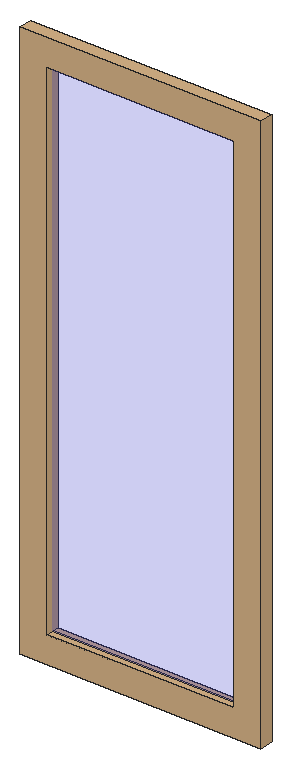
Revit family "0059_M_DR_W_single-glass 1_no trim", category 문, Revit 2026
Family settings
  호스트 = 벽
  항상 수직 = 예
  로드될 때 보이드를 사용하여 절단 = 아니오
  공유 = 아니오
  룸 계산 점 = 아니오
Parameters (values of type "36" x 84"")
  두께 = 0' - 2"
  조합 코드 = "C1020"
  기능 = 내부
  Door Material = Door - Panel
  Frame Material = Door - Frame
  Height = 7' - 0"
  Rail Width - Base = 0' - 4"
  Rail Width - Top = 0' - 4"
  Stile Width - Hinge = 0' - 4"
  Stile Width - Latch = 0' - 4"
  벽 마무리 = 호스트별
  Width = 3' - 0"
Types (8): name | 두께 | 조합 코드 | Height | Rail Width - Base | Rail Width - Top | Stile Width - Hinge | Stile Width - Latch | Width
  36" x 84" | 0' - 2" | "C1020" | 7' - 0" | 0' - 4" | 0' - 4" | 0' - 4" | 0' - 4" | 3' - 0"
  34" x 84" | 0' - 2" | "C1020" | 7' - 0" | 0' - 4" | 0' - 4" | 0' - 4" | 0' - 4" | 2' - 10"
  32" x 84" | 0' - 2" | "C1020" | 7' - 0" | 0' - 4" | 0' - 4" | 0' - 4" | 0' - 4" | 2' - 8"
  30" x 84" | 0' - 2" | "C1020" | 7' - 0" | 0' - 4" | 0' - 4" | 0' - 4" | 0' - 4" | 2' - 6"
  30" x 80" | 0' - 2" | "C1020" | 6' - 8" | 0' - 4" | 0' - 4" | 0' - 4" | 0' - 4" | 2' - 6"
  36" x 80" | 0' - 2" | "C1020" | 6' - 8" | 0' - 4" | 0' - 4" | 0' - 4" | 0' - 4" | 3' - 0"
  34" x 80" | 0' - 2" | "C1020" | 6' - 8" | 0' - 4" | 0' - 4" | 0' - 4" | 0' - 4" | 2' - 10"
  0915 x 2134mm | 0' - 1 31/32" | 0' - 0" | 7' - 0 1/64" | 0' - 3 15/16" | 0' - 3 15/16" | 0' - 3 15/16" | 0' - 3 15/16" | 3' - 0 3/128"
Reference planes (in)
  plane 1: y = 0
  plane 2: z = 0
  plane 3: x = 0
  plane 4: x = -18
  plane 5: x = 18
  plane 6: z = 84
  plane 7: y = 2.125
Forms (in)
  Extrusion 1, solid, material "Door - Panel" <- "Door Material"
    sketch origin (0, 0, 0) x (1, 0, 0) y (0, 0, 1)
      loop
        line (-18, 84) -> (-18, 0) -> (18, 0) -> (18, 84) -> (-18, 84)
      loop
        line (14, 80) -> (-14, 80) -> (-14, 4) -> (14, 4) -> (14, 80)
    from -3 to -1
  Extrusion 2, solid, material "Glass"
    sketch origin (0, 0, 0) x (1, 0, 0) y (0, 0, 1)
      loop
        line (14, 80) -> (-14, 80) -> (-14, 4) -> (14, 4) -> (14, 80)
    from -1.875 to -2.125
Lines and regions (in)
  Opening 1
    outline origin (-60, -3, 144) x (0, 0, -1) y (1, 0, 0)
      loop
        line (60, 42) -> (144, 42) -> (144, 78) -> (60, 78) -> (60, 42)
  symbolic lines, style "DoorsPanelProjection"
    curve 1: line (18, 3, 0) -> (16, 3, 0)
    curve 2: line (18, 3, 0) -> (18, 7, 0)
    curve 3: line (18, 39, 0) -> (16, 39, 0)
    curve 4: line (16, 3, 0) -> (16, 7, 0)
    curve 10: line (16, 35, 0) -> (18, 35, 0)
    curve 11: line (16, 7, 0) -> (18, 7, 0)
    curve 13: line (16, 35, 0) -> (16, 39, 0)
    curve 14: line (18, 35, 0) -> (18, 39, 0)
    curve 15: line (16, 7, 0) -> (16, 35, 0)
    curve 16: line (18, 7, 0) -> (18, 35, 0)
  symbolic lines, style "Plan Swing"
    curve 5: arc (18, 39, 0) -> (-7.45584, 28.45584, 0) -> (-18, 3, 0) r 36
  symbolic lines, style "DoorsGlassProjection"
    curve 6: line (14, 0, 80) -> (14, 0, 4)
    curve 7: line (14, 0, 80) -> (-14, 0, 80)
    curve 8: line (-14, 0, 80) -> (-14, 0, 4)
    curve 9: line (14, 0, 4) -> (-14, 0, 4)
    curve 12: line (17, 35, 0) -> (17, 7, 0)
  symbolic lines, style "Elevation Swing"
    curve 17: line (-18, 0, 0) -> (18, 0, 42)
    curve 18: line (18, 0, 42) -> (-18, 0, 84)
Dimensions and locks (in)
  equal spacing: plane 4, plane 3, plane 5
  "Width": plane 4 to plane 5
  host wall to curve 1 = 0' - 0"
  control icon elem to host wall = 1' - 6"
  control icon elem to plane 5 = 1' - 0"
  "Height": plane 6 to plane 2
  "Stile Width - Latch": plane 4 to curve 8
  "Stile Width - Hinge": curve 6 to plane 5
  "Rail Width - Top": plane 6 to curve 7
  "Rail Width - Base": curve 9 to plane 2
  "Stile Width - Latch": curve 10 to curve 3
  "Stile Width - Hinge": curve 1 to curve 11
  equal spacing: plane 2, curve 17, plane 6
  "Width": curve 3 to host wall
  locked: host wall to Extrusion 1
  "두께": curve 15 to plane 5
  equal spacing: curve 15, curve 12, plane 5
  "두께": Extrusion 1 to host wall
  locked: host wall to plane 7 at 0.875
  locked: Extrusion 2 to Extrusion 2 at 0.25
  aligned and locked: curve 7 to Extrusion 1 sketch curve
  aligned and locked: curve 6 to Extrusion 1 sketch curve
  aligned and locked: Extrusion 1 sketch curve to curve 7
  aligned and locked: Extrusion 1 sketch curve to curve 6
  aligned and locked: curve 7 to Extrusion 2 sketch curve
  aligned and locked: curve 6 to Extrusion 2 sketch curve
  aligned and locked: Extrusion 2 sketch curve to curve 7
  aligned and locked: Extrusion 2 sketch curve to curve 6
  aligned and locked: host wall to Extrusion 1  (x3)
  aligned and locked: curve 4 to curve 13
  aligned and locked: plane 5 to curve 16
  aligned and locked: curve 2 to plane 5
  aligned and locked: Extrusion 2 to plane 7
Automatic sketch dimensions
  Opening 1 sketch curve to plane 6 = 0' - 0"
  Opening 1 sketch curve to level = 0' - 0"
  Opening 1 sketch curve to plane 4 = 0' - 0"
  Opening 1 sketch curve to plane 5 = 0' - 0"
  Extrusion 1 sketch curve to plane 4 = 0' - 0"
  Extrusion 1 sketch curve to plane 5 = 0' - 0"
  Extrusion 1 sketch curve to level = 0' - 0"
  Extrusion 1 sketch curve to plane 6 = 0' - 0"
  curve 18 to plane 4 = 0' - 0"
  curve 18 to plane 6 = 0' - 0"
  curve 17 to level = 0' - 0"
  curve 17 to plane 4 = 0' - 0"
  curve 18 to plane 5 = 0' - 0"
  curve 5 to plane 4 = 0' - 0"
